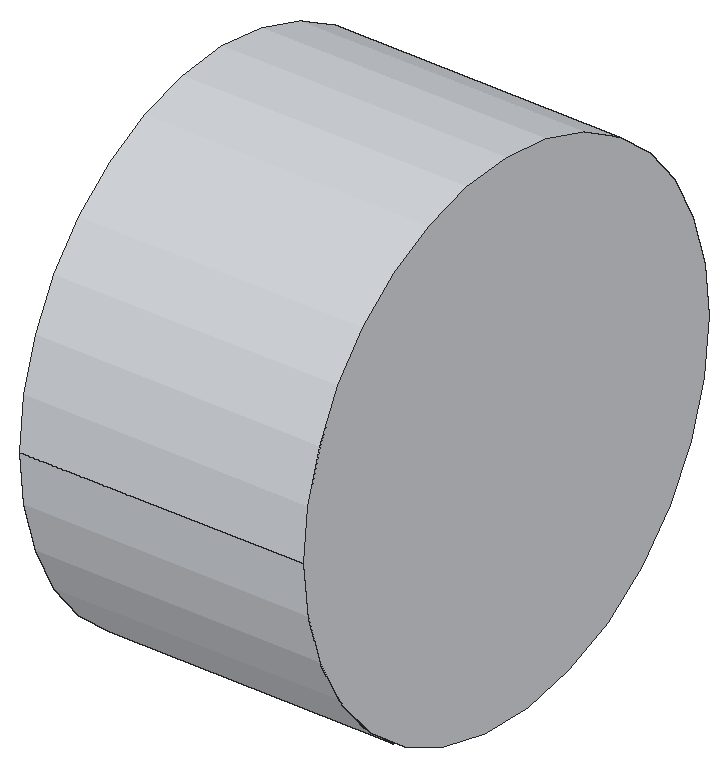
Revit family "Tampa - Soquete - Aço", category Conexões de tubo, Revit 2019
Family settings
  Cota do conector redondo = Usar raio
  Tipo de parte = Cobertura
  Com base no plano de trabalho = Não
  Sempre na vertical = Sim
  Corte com vazios quando carregada = Não
  Compartilhado = Não
Parameters (values of type "Padrão")
  Raio nominal [instance] = 50 mm
  Diâmetro nominal [instance] = Raio nominal * 2  # 100 mm
  Método de perda = Não definido
  Nome da tabela de pesquisa = "BR_Cap - Socket - Steel"
  Altura [instance] = size_lookup(Nome da tabela de pesquisa, "Hgt", 0.41 * Diâmetro nominal + 22.3 mm, Diâmetro nominal)  # 64 mm
  K Coefficient Table = (empty or 0)
  Raio externo da conexão [instance] = Diâmetro externo da conexão / 2  # 57 mm
  Diâmetro externo da conexão [instance] = size_lookup(Nome da tabela de pesquisa, "FOD", Diâmetro nominal + 11.4 mm, Diâmetro nominal)  # 114 mm
Reference planes
  plane 1 "Centro (frente/trás)": y = 0
  plane 2: z = 0
  plane 3 "Centro (direita/esquerda)": x = 0
  plane 4: x = 64
  plane 5: y = 57
  plane 6: y = -57
Forms (mm)
  Extrusion 1, solid, detail levels fine
    sketch origin (0, 0, 0) x (0, 1, 0) y (0, 0, 1)
      loop
        circle (0, 0) r 57
    from 0 to 64
Lines and regions (mm)
  model lines, detail levels coarse+medium
    curve 1: line (0, 57, 0) -> (64, 57, 0)
    curve 2: line (0, -57, 0) -> (64, -57, 0)
    curve 3: line (64, 57, 0) -> (64, -57, 0)
Dimensions and locks
  "Altura": plane 3 "Centro (direita/esquerda)" to plane 4
  "Raio externo da conexão": plane 5 to plane 1 "Centro (frente/trás)"
  "Raio externo da conexão": plane 1 "Centro (frente/trás)" to plane 6
  "Raio externo da conexão": radius of Extrusion 1 sketch curve
  aligned and locked: plane 1 "Centro (frente/trás)" to Extrusion 1 sketch curve
  aligned and locked: plane 2 to Extrusion 1 sketch curve
  aligned and locked: Extrusion 1 to plane 3 "Centro (direita/esquerda)"
  aligned and locked: plane 4 to Extrusion 1
  aligned and locked: plane 3 "Centro (direita/esquerda)" to curve 1
  aligned and locked: plane 3 "Centro (direita/esquerda)" to curve 2
  aligned and locked: plane 4 to curve 2
  aligned and locked: curve 2 to plane 6
  aligned and locked: curve 1 to plane 5
  aligned and locked: plane 6 to curve 3
  aligned and locked: plane 5 to curve 3
  aligned and locked: curve 3 to plane 4
Connectors
  piping at (0, 0, 0), diameter 100, driven by "Raio nominal"
    settings: on Extrusion 1, index 1, connector inside diameter 100 mm, connector length 0 mm, flow factor 0, pipe flow 0.0 L/s, pressure drop 0.0 Pa, fitting loss kfactor 0, connector angle 0.00°, fixture units 0, engagement length 0 mm, angle of deflection 0.00°, flow configuration 0, flow direction 0, fitting loss method 0, system type 28, joint type 0, gender type 0, connector reference index -1, connector utility 0, adjustable connector no, is connector primary yes, connector description ""
